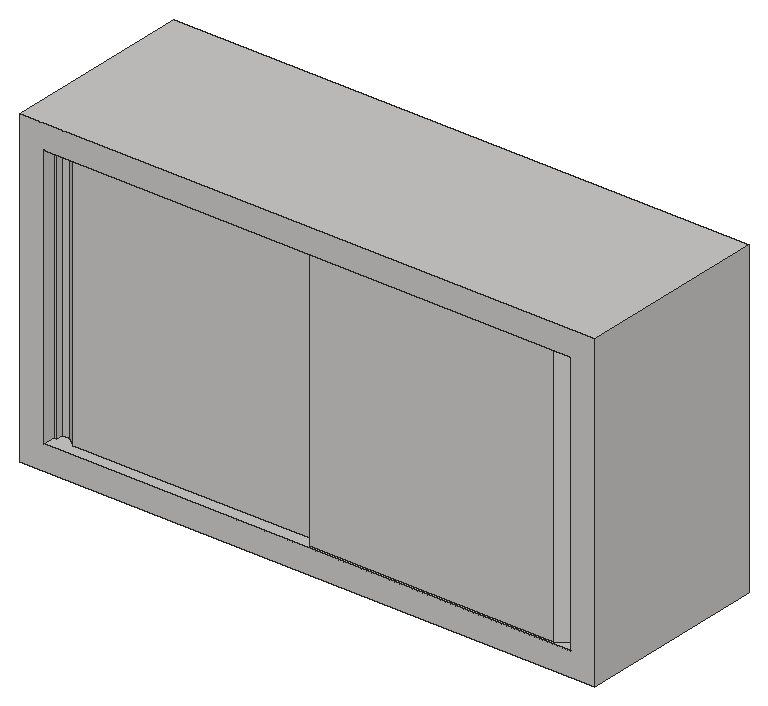
Revit family "QF_ELECTROLUXPROFESSIONAL_132922_SPS12LCN", category Specialty Equipment, Revit 2018
Family settings
  Round Connector Dimension = Use Diameter
  Part Type = Normal
  Work Plane-Based = No
  Always vertical = Yes
  Cut with Voids When Loaded = No
  Shared = No
  Room Calculation Point = No
Parameters
  Weight = 0.00 kg
  Watts = 0 W
  Volts = 0 V
  URL Manufacturer = ""
  Steam Supply Size = 0 mm
  Steam Supply Minimum Pressure = 0.0 Pa
  Steam Supply Maximum Pressure = 0.0 Pa
  Steam Pounds per Hour = 0
  Refrigeration Suction Line Size = 0 mm
  Refrigeration Liquid Line Size = 0 mm
  Refrigerant Compressor Remote = yes
  Phase = 0
  Length Actual = 0 mm
  Item Number = ""
  Hot Water Size = 0 mm
  Height Actual = 0 mm
  HP = ""
  Gas Size = 0 mm
  Gas KW = 0
  Gas Input Pressure = 0 W
  Direct Waste Size = 0 mm
  Depth Actual = 0 mm
  Cycle = 0 Hz
  Condensate Return Size = 0 mm
  Compressed Air Volume = 0.0 L/s
  Compressed Air Size = 0 mm
  Compressed Air Pressure = 0.0 Pa
  Cold Water Size = 0 mm
  Accessory = yes
Reference planes
  plane 1 "Center (Front/Back)": y = 0
  plane 2: z = 0
  plane 3 "Center (Left/Right)": x = 0
  plane 4: y = 200
  plane 5 "Left": x = -600
  plane 6 "Right": x = 600
  plane 7: y = -200
  plane 8: y = -154.5
  plane 9: z = 2200
  plane 10: z = 1550
  plane 11: y = 150
Forms (mm)
  Extrusion 1, solid, material "QF_Finishes_Stainless Steel"
    sketch origin (0, 0, 0) x (1, 0, 0) y (0, 1, 0)
      loop
        line (-600, 200) -> (-600, -200) -> (600, -200) -> (600, 200) -> (-600, 200)
    from 1550 to 2200
  Extrusion 2, void
    sketch origin (500, -154.5, 0) x (1, 0, 0) y (0, 0, -1)
      loop
        line (-1050, -2150) -> (50, -2150) -> (50, -1600) -> (-1050, -1600) -> (-1050, -2150)
    from -45.5 to 304.5
Cuts and joins
  Extrusion 2 cuts Extrusion 1
Lines and regions (mm)
  symbolic lines
    curve 1: line (-600, 200, 0) -> (600, 200, 0)
    curve 2: line (-600, -200, 0) -> (-600, 200, 0)
    curve 3: line (600, -200, 0) -> (-600, -200, 0)
    curve 4: line (600, 200, 0) -> (600, -200, 0)
    curve 5: line (-600, 200, 0) -> (600, -200, 0)
    curve 6: line (-600, -200, 0) -> (600, 200, 0)
Dimensions and locks
  equal spacing: plane 5 "Left", plane 3 "Center (Left/Right)", plane 6 "Right"
  equal spacing: plane 4, plane 1 "Center (Front/Back)", plane 7
  plane 8 to plane 7 = 45.5 mm
  plane 10 to level = 1550 mm
  plane 3 "Center (Left/Right)" to plane 6 "Right" = 600 mm
  plane 7 to plane 1 "Center (Front/Back)" = 200 mm
  locked: plane 4 to plane 11 at 50
  locked: cut or joined group of Extrusion 1, Extrusion 2 to plane 9 at 50
  locked: plane 5 "Left" to Extrusion 2 sketch curve at 50
  locked: plane 6 "Right" to Extrusion 2 sketch curve at 50
  plane 10 to nested 1 = 50 mm
  plane 9 to plane 10 = 650 mm
  aligned and locked: level to plane 2
  aligned and locked: plane 11 to Extrusion 2
  aligned and locked: cut or joined group of Extrusion 1, Extrusion 2 to nested 1  (x2)
  aligned and locked: Extrusion 1 to plane 10
  aligned and locked: plane 9 to Extrusion 1
  aligned and locked: nested 1 to cut or joined group of Extrusion 1, Extrusion 2  (x2)
Automatic sketch dimensions
  plane 5 "Left" to Extrusion 1 sketch curve = 0 mm
  Extrusion 1 sketch curve to plane 6 "Right" = 0 mm
  Extrusion 1 sketch curve to plane 4 = 0 mm
  Extrusion 2 sketch curve to plane 9 = 50 mm
  plane 10 to Extrusion 2 sketch curve = 50 mm
  Extrusion 1 sketch curve to plane 8 = 45.5 mm
  curve 1 to plane 4 = 0 mm
  curve 1 to plane 5 "Left" = 0 mm
  curve 6 to plane 6 "Right" = 0 mm
  curve 3 to plane 7 = 0 mm
Nested families
  nested 1: "Sliding Door" at (0, -154.5, 1875) x (-1, 0, 0) z (0, -1, 0), type "Sliding Door"
    with L 1100 mm, H 550 mm
Definition of nested family "Sliding Door"
  Parameters
    L [instance] = 468 mm
    H [instance] = 560 mm
    Default Elevation = 1219.2 mm
  Reference planes
    plane 1 "Centro (Fronte/Retro)": y = 0
    plane 2: z = 0
    plane 3 "Centro (Sinistra/Destra)": x = 0
    plane 4: y = 280
    plane 5: y = -280
    plane 6: x = 234
    plane 7: x = -234
  Forms (mm)
    Extrusion 1, solid
      sketch origin (0, 0, 0) x (1, 0, 0) y (0, 1, 0)
        loop
          line (-1219.2, 1219.2) -> (-1219.2, -1219.2) -> (1219.2, -1219.2) -> (1219.2, 1219.2) -> (-1219.2, 1219.2)
      from 0 to -304.8
    Extrusion 2, solid
      sketch origin (-234, 0, 20) x (-1, 0, 0) y (0, 0, -1)
        loop
          line (-234, 0) -> (-234, -20) -> (-39.641, -20) -> (-19.162, -5.661) -> (-5, -5.661) -> (-5, -20) -> (0, -20) -> (0, 0) -> (-234, 0)
      from -280 to 280
    Extrusion 3, solid
      sketch origin (234, 0, 0) x (1, 0, 0) y (0, 0, 1)
        loop
          line (-234, 0) -> (0, 0) -> (0, 20) -> (-5, 20) -> (-5, 5.661) -> (-19.162, 5.661) -> (-39.641, 20) -> (-234, 20) -> (-234, 0)
      from -280 to 280
  Dimensions and locks
    equal spacing: plane 4, plane 1 "Centro (Fronte/Retro)", plane 5
    "H": plane 4 to plane 5
    "L": plane 6 to plane 7
    locked: Extrusion 2 sketch curve to Extrusion 2 sketch curve at 5
    locked: Extrusion 2 sketch curve to Extrusion 2 sketch curve at 14.162
    locked: Extrusion 2 sketch curve to Extrusion 2 sketch curve at 39.641
    locked: Extrusion 3 sketch curve to Extrusion 3 sketch curve at 5
    locked: Extrusion 3 sketch curve to Extrusion 3 sketch curve at 14.162
    locked: Extrusion 3 sketch curve to Extrusion 3 sketch curve at 39.641
    equal spacing: plane 7, plane 3 "Centro (Sinistra/Destra)", plane 6
    aligned and locked: plane 2 to Extrusion 1
    aligned and locked: level to Extrusion 1
    aligned and locked: plane 4 to Extrusion 2
    aligned and locked: Extrusion 2 to plane 5
    aligned and locked: Extrusion 3 to plane 5
    aligned and locked: plane 4 to Extrusion 3
  Automatic sketch dimensions
    Extrusion 1 sketch curve to Extrusion 1 sketch curve = 2438.4 mm  (x2)
    Extrusion 2 sketch curve to plane 3 "Centro (Sinistra/Destra)" = 0 mm
    plane 7 to Extrusion 2 sketch curve = 0 mm
    Extrusion 2 sketch curve to Extrusion 2 sketch curve = 14.339 mm  (x2)
    Extrusion 3 sketch curve to plane 3 "Centro (Sinistra/Destra)" = 0 mm
    Extrusion 3 sketch curve to plane 6 = 0 mm
    Extrusion 3 sketch curve to Extrusion 3 sketch curve = 14.339 mm
    level to Extrusion 2 sketch curve = 40 mm
    Extrusion 2 sketch curve to Extrusion 2 sketch curve = 20 mm
    Extrusion 3 sketch curve to level = 0 mm
    level to Extrusion 3 sketch curve = 5.661 mm
    level to Extrusion 3 sketch curve = 20 mm
